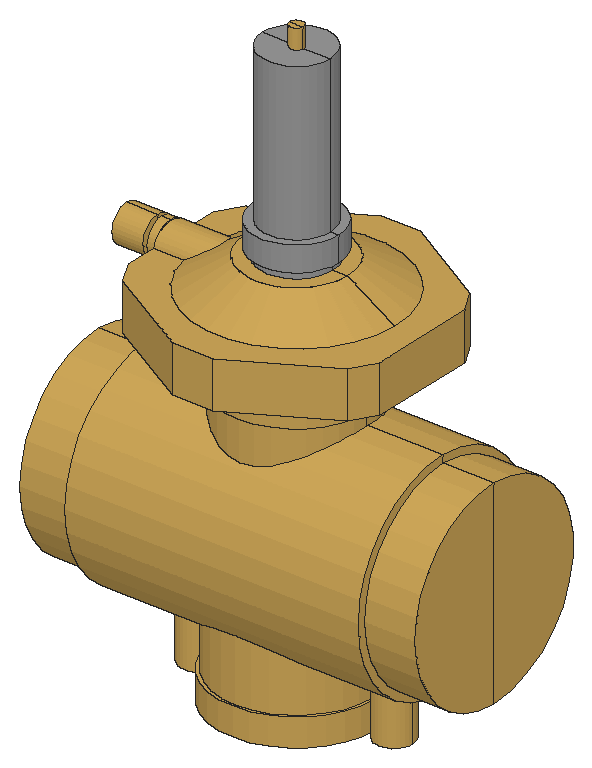
Revit family "Differenzdruckregler 4002 45-80kPa", category Rohrzubehör, Revit 2021
Family settings
  Bemaßung runder Anschluss = Durchmesser verwenden
  Teiletyp = Unterbricht
  OmniClass-Nummer = 23.65.55.14
  OmniClass-Titel = Valves for Liquid Services
  Arbeitsebenenbasiert = Nein
  Immer vertikal = Ja
  Beim Laden mit Abzugskörper schneiden = Nein
  Gemeinsam genutzt = Nein
Parameters (values of type "Ohne Dämmung")
  y2 [instance] = K14 + K9 + H01  # 72.649 mm
  y1 [instance] = (R03 * 2) + R05  # 140.000 mm
  Vorgabe-Ansicht = 0.000 mm
  PN = 16  # constant formula
  Min. Betriebstemperatur (Frostschutz) = -20 °C  # constant formula
  Max. zulässige Betriebstemperatur bis DN32 = 130 °C  # constant formula
  Max. zulässige Betriebstemperatur DN40 - DN50 = 110 °C  # constant formula
  Max. Differenzdruck am Gehäuse = 400000.0 Pa  # constant formula
  Max. Betriebsdruck = 1600000.0 Pa  # constant formula
  Ventilschaft = "Edelstahl 14301"  # constant formula
  VRL01 [instance] = 30.000 mm  # constant formula
  V12 = 17.000 mm  # constant formula
  V10 = 16.000 mm  # constant formula
  V09 [instance] = L06 + 4.000 mm  # 11.000 mm
  V08 [instance] = G01 + 3.000 mm  # 38.000 mm
  V03 [instance] = G01 + 5.000 mm  # 40.000 mm
  V02 [instance] = V01 + 4.500 mm  # 29.500 mm
  V01 [instance] = Nennweite / 2  # 25.000 mm
  URL = "www.herz-armaturen.at"
  SCRNSEQ = "ARM;ARM_TYP=\"DIFR\";2"
  SCRNCODE = "05;03;4"  # constant formula
  S07 = 10.000 mm  # constant formula
  S06 [instance] = 1.000 mm  # constant formula
  S05 [instance] = S01 - 1.000 mm  # 25.000 mm
  S04 [instance] = S02 - 1.000 mm  # 27.000 mm
  S03 [instance] = size_lookup("4002 45-80kPa", "S03", 26.500 mm, Nennweite)  # 37.700 mm
  S02 [instance] = size_lookup("4002 45-80kPa", "S02", 19.000 mm, Nennweite)  # 28.000 mm
  S01 [instance] = size_lookup("4002 45-80kPa", "S01", 14.850 mm, Nennweite)  # 26.000 mm
  Regleranschlussmutter = "Messing CW614N"  # constant formula
  Regelbereich = "45 - 80kPa"  # constant formula
  R06 [instance] = size_lookup("4002 45-80kPa", "R06", 14.500 mm, Nennweite)  # 14.500 mm
  R05 [instance] = size_lookup("4002 45-80kPa", "R05", 41.000 mm, Nennweite)  # 104.000 mm
  R04 [instance] = size_lookup("4002 45-80kPa", "R04", 12.500 mm, Nennweite)  # 14.500 mm
  R03 [instance] = size_lookup("4002 45-80kPa", "R03", 8.000 mm, Nennweite)  # 18.000 mm
  R02 = 14.500 mm  # constant formula
  R01 [instance] = size_lookup("4002 45-80kPa", "R01", 11.500 mm, Nennweite)  # 37.600 mm
  Min. Betriebstemperatur (reines Wasser) = 2 °C  # constant formula
  O-Ringe = "EPDM"  # constant formula
  Nennweite [instance] = 50.000 mm
  Membrangehäuse = "Messing CW602N"  # constant formula
  Membrane = "EPDM"  # constant formula
  Medium = "Wasserbeschaffenheit nach ÖNORM H 5195 und VDI 2035\r\nDie Verwendung von Ethylen- und Propylenglykol ist im\r\nMischungsverhältnis 25 - 50 Vol.-% zulässig."
  L07 [instance] = size_lookup("4002 45-80kPa", "L07", 28.500 mm, Nennweite)  # 70.000 mm
  L06 = 7.000 mm  # constant formula
  L [instance] = size_lookup("4002 45-80kPa", "L", 66.000 mm, Nennweite)  # 140.000 mm
  K9 = 4.000 mm  # constant formula
  K8 = 55.000 mm  # constant formula
  K7 = 8.700 mm  # constant formula
  K6 = 11.700 mm  # constant formula
  K5 = 13.000 mm  # constant formula
  K4 = 12.000 mm  # constant formula
  K3 = 15.000 mm  # constant formula
  K2 = 2.350 mm  # constant formula
  K18 = 89.000 mm  # constant formula
  K17 = 66.700 mm  # constant formula
  K16 = 3.000 mm  # constant formula
  K15 = 26.649 mm  # constant formula
  K14 = 16.649 mm  # constant formula
  K13 = 16.649 mm  # constant formula
  K12 = 10.000 mm  # constant formula
  K11 = 35.000 mm  # constant formula
  K10 = 18.250 mm  # constant formula
  K1.1 = 2.350 mm  # constant formula
  K1 = 7.301 mm - 0.650 mm  # 6.651 mm
  J9 = 15.700 mm  # constant formula
  J8 = 7.850 mm  # constant formula
  J7 = 15.897 mm  # constant formula
  J6 = 3.900 mm  # constant formula
  J5 = 6.500 mm  # constant formula
  J4 = 1.500 mm  # constant formula
  J3 = 3.200 mm  # constant formula
  J2 = 11.000 mm  # constant formula
  J11 = 3.500 mm  # constant formula
  J10 = 18.897 mm  # constant formula
  J1 = 6.500 mm  # constant formula
  Hersteller = "HERZ-Armaturen Ges.m.b.H"  # constant formula
  H2 [instance] = size_lookup("4002 45-80kPa", "H2", 28.000 mm, Nennweite)  # 58.000 mm
  H1 [instance] = K1 + K2 + K3 + K4 + K5 + K7 + K8 + K16 + 16.650 mm  # 132.351 mm
  H04 = 4.000 mm  # constant formula
  H03 = 9.800 mm  # constant formula
  H02 [instance] = size_lookup("4002 45-80kPa", "H02", 53.000 mm, Nennweite)  # 107.000 mm
  H01 [instance] = size_lookup("4002 45-80kPa", "H01", 25.000 mm, Nennweite)  # 52.000 mm
  Gehäuse = "DZR Messing CC770S"  # constant formula
  G01 [instance] = size_lookup("4002 45-80kPa", "G01", 13.220 mm, Nennweite)  # 35.000 mm
  Einstellspindel = "Messing CW614N"  # constant formula
  Hinweise zum Material = "Gemäß Art 33 der REACH-Verordnung (EG Nr. 1907/2006) sind wir verpflichtet, darauf hinzuweisen,\r\ndass der Stoff Blei auf der SVHC-Liste geführt wird und dass alle aus Messing bestehenden Bauteile,\r\ndie in unseren Erzeugnissen verarbeitet sind, mehr als 0,1 % (w/w) Blei (CAS: 7439-92-1 / EINECS:\r\n231-100-4) enthalten. Da Blei als Legierungsbestandteil fest gebunden ist, sind keine Expositionen zu\r\nerwarten und daher sind keine zusätzlichen Angaben zur sicheren Verwendung notwendig.\r\n\r\nIm Hanf enthaltenes Ammoniak schädigt\r\nMessingventilgehäuse, EPDM Dichtungen werden durch\r\nMineralöle bzw. mineralölhaltige Schmierstoffe aufgequollen\r\nund führen somit zum Ausfall der EPDM-Dichtungen. Für\r\nFrost- und Korrosionsschutzmittel auf der Basis von Ethylen- und Propylenglykol sind die entsprechenden\r\nAngaben den Unterlagen des Herstellers zu entnehmen."
  Dämmung = no
  Dämmschale = "EPP (expandiertes Polypropylen)"  # constant formula
  Druckfeder = "Federstahl 14310 NS"  # constant formula
  DN50 [instance] = Nennweite = 50.000 mm  # yes
  DN40 [instance] = Nennweite = 40.000 mm  # no
  DN32-40 [instance] = or(Nennweite = 32.000 mm, Nennweite = 40.000 mm)  # no
  DN32 [instance] = Nennweite = 32.000 mm  # no
  DN25 [instance] = Nennweite = 25.000 mm  # no
  DN20 [instance] = Nennweite = 20.000 mm  # no
  DN15-25 [instance] = or(Nennweite = 15.000 mm, Nennweite = 20.000 mm, Nennweite = 25.000 mm)  # no
  DN15,20,25,32,50 [instance] = or(Nennweite = 15.000 mm, Nennweite = 20.000 mm, Nennweite = 25.000 mm, Nennweite = 32.000 mm, Nennweite = 50.000 mm)  # yes
  DN15 [instance] = Nennweite = 15.000 mm  # no
  D07 [instance] = if(Nennweite = 15.000 mm, 32.000 mm, if(Nennweite = 20.000 mm, 33.000 mm, if(Nennweite = 25.000 mm, 33.000 mm, if(Nennweite = 32.000 mm, 49.000 mm, if(Nennweite = 40.000 mm, 57.560 mm, if(Nennweite = 50.000 mm, 57.560 mm, 0.000 mm))))))  # 57.560 mm
  D06 [instance] = if(Nennweite = 15.000 mm, 32.000 mm, if(Nennweite = 20.000 mm, 33.000 mm, if(Nennweite = 25.000 mm, 33.000 mm, if(Nennweite = 32.000 mm, 49.000 mm, if(Nennweite = 40.000 mm, 57.560 mm, if(Nennweite = 50.000 mm, 57.560 mm, 0.000 mm))))))  # 57.560 mm
  D05 [instance] = if(Nennweite = 15.000 mm, 36.750 mm, if(Nennweite = 20.000 mm, 40.700 mm, if(Nennweite = 25.000 mm, 49.200 mm, if(Nennweite = 32.000 mm, 54.150 mm, if(Nennweite = 40.000 mm, 60.750 mm, if(Nennweite = 50.000 mm, 72.700 mm, 0.000 mm))))))  # 72.700 mm
  D04 [instance] = if(Nennweite = 15.000 mm, 78.500 mm, if(Nennweite = 20.000 mm, 82.000 mm, if(Nennweite = 25.000 mm, 84.000 mm, if(Nennweite = 32.000 mm, 120.000 mm, if(Nennweite = 40.000 mm, 130.000 mm, if(Nennweite = 50.000 mm, 130.500 mm, 0.000 mm))))))  # 130.500 mm
  D03 [instance] = if(Nennweite = 15.000 mm, 96.000 mm, if(Nennweite = 20.000 mm, 110.000 mm, if(Nennweite = 25.000 mm, 112.000 mm, if(Nennweite = 32.000 mm, 152.000 mm, if(Nennweite = 40.000 mm, 170.000 mm, if(Nennweite = 50.000 mm, 179.000 mm, 0.000 mm))))))  # 179.000 mm
  D02 [instance] = size_lookup("4002 45-80kPa", "R05", 41.000 mm, Nennweite)  # 104.000 mm
  D01 [instance] = size_lookup("4002 45-80kPa", "G01", 13.220 mm, Nennweite)  # 35.000 mm
  Bestellnummer Dämmung [instance] = if(and(Dämmung, Nennweite = 15.000 mm), 1409611, if(and(Dämmung, Nennweite = 20.000 mm), 1409612, if(and(Dämmung, Nennweite = 25.000 mm), 1409613, if(and(Dämmung, Nennweite = 32.000 mm), 1409614, if(and(Dämmung, Nennweite = 40.000 mm), 1409615, if(and(Dämmung, Nennweite = 50.000 mm), 1409616, 0))))))  # 0
  Bestellnummer [instance] = size_lookup("4002 45-80kPa", "Artnr", 0, Nennweite)  # 1400276
  B2 [instance] = size_lookup("4002 45-80kPa", "B2", 31.000 mm, Nennweite)  # 41.000 mm
  B1 [instance] = size_lookup("4002 45-80kPa", "B1", 26.000 mm, Nennweite)  # 41.000 mm
  B04 = 100.649 mm  # constant formula
  B03 = 44.500 mm  # constant formula
  B02 = 104.688 mm  # constant formula
  B01 = 10.000 mm  # constant formula
  Anzeigehülse = "Kunststoff (Rot)"  # constant formula
  Anwendungsgebiet = "Der Differenzdruckregler ist ein Regler mit linearer Kennlinie in Geradsitzausführung und arbeitet ohne\r\nHilfsenergie. Der gewünschte Differenzdruck-Sollwert kann zwischen 5 und 30 kPa; 25 und 60 kPa bzw.\r\n45 und 80 kPa stufenlos eingestellt werden. Der eingestellte Wert ist mit Hilfe des Einstelldiagrammes\r\nablesbar. Werksseitig ist der Sollwert auf Minimum eingestellt. Der erforderliche Sollwert wird mit dem\r\nEinstellwerkzeug (1 4006 02) eingestellt. Im Lieferumfang enthalten ist die Impulsleitung (1000 mm),\r\ndiese ist im Vorlauf einzubinden."
  Anschlussnippel = "Messing CW602N"  # constant formula
Types (2, lengths in mm): name | y1 | V08 | V03 | V02 | V01 | S03 | R05 | R03 | R01 | Nennweite | L07 | L | G01 | Dämmung | DN50 | DN40 | DN32-40 | DN15,20,25,32,50 | D05 | D04 | D03 | D02 | D01 | Bestellnummer Dämmung | Bestellnummer
  Ohne Dämmung | 140.000 | 38.000 | 40.000 | 29.500 | 25.000 | 37.700 | 104.000 | 18.000 | 37.600 | 50.000 | 70.000 | 140.000 | 35.000 | no | yes | no | no | yes | 72.700 | 130.500 | 179.000 | 104.000 | 35.000 | 0 | 1400276
  Mit Dämmung | 132.000 | 29.873 | 31.873 | 24.500 | 20.000 | 38.700 | 100.000 | 16.000 | 38.700 | 40.000 | 66.000 | 132.000 | 26.873 | yes | no | yes | yes | no | 60.750 | 130.000 | 170.000 | 100.000 | 26.873 | 1409615 | 1400275
Reference planes
  plane 1 "Mitte (Vorne/hinten)": y = 0
  plane 2: z = 0
  plane 3 "Mitte (Links/rechts)": x = 0
Forms (mm)
  Revolve 1, solid, material "Messing, weicher Gelbton, geschweißt", detail levels fine
    sketch origin (0, 0, 0) x (1, 0, 0) y (0, 0, 1)
      loop
        line (-70, 0) -> (70, 0) -> (70, 35) -> (52, 35) -> (52, 37.6) -> (-52, 37.6) -> (-52, 35) -> (-70, 35) -> (-70, 0)
      axis (-70, 0) -> (70, 0)
    angle from 0 to 360
  Revolve 2, solid, material "Messing, weicher Gelbton, geschweißt", detail levels fine
    sketch origin (0, 0, 0) x (1, 0, 0) y (0, 0, 1)
      loop
        line (0, -58) -> (0, 0) -> (-27, 0) -> (-27, -48.2) -> (-28, -48.2) -> (-28, -58) -> (0, -58)
      axis (0, 0) -> (0, -58)
    angle from 0 to 360
  Extrusion 3, solid, material "Messing, weicher Gelbton, geschweißt", detail levels fine
    sketch origin (0, 0, 0) x (0, -1, 0) y (1, 0, 0)
      loop
        line (-46, -7.038) -> (-27.114, -39.75) -> (-18.886, -44.5) -> (18.886, -44.5) -> (27.114, -39.75) -> (46, -7.038) -> (46, 7.038) -> (27.114, 39.75) -> (18.886, 44.5) -> (-18.886, 44.5) -> (-27.114, 39.75) -> (-46, 7.038) -> (-46, -7.038)
    from 56 to 72.649
  Revolve 4, solid, material "Messing, weicher Gelbton, geschweißt", detail levels fine
    sketch origin (0, 0, -7.051) x (1, 0, 0) y (0, 0, 1)
      loop
        line (0, 79.7) -> (0, 89.7) -> (-18.25, 89.7) -> (-35, 79.7) -> (0, 79.7)
      axis (0, 89.7) -> (0, 79.7)
    angle from 0 to 360
  Revolve 5, solid, material "Messing, weicher Gelbton, geschweißt", visible <- "DN15-25", detail levels fine
    sketch origin (-11, 0, 0) x (1, 0, 0) y (0, 1, 0)
      loop
        line (-3.5, 41) -> (-11.2, 41) -> (-11.2, 0) -> (-3.5, 0) -> (-3.5, 41)
      axis (-3.5, 0) -> (-3.5, 41)
    angle from 0 to 360
  Revolve 6, solid, material "Messing, weicher Gelbton, geschweißt", visible <- "DN15,20,25,32,50", detail levels fine
    sketch origin (-0.988, 0, -6.853) x (-1, 0, 0) y (0, 0, 1)
      loop
        line (43.5, 78.75) -> (59.2, 78.75) -> (59.2, 85.25) -> (48.2, 85.25) -> (48.2, 82.65) -> (46.7, 82.65) -> (46.7, 85.25) -> (43.5, 85.25) -> (43.5, 78.75)
      axis (43.5, 78.75) -> (59.2, 78.75)
    angle from 0 to 360
  Extrusion 7, solid, material "Messing, weicher Gelbton, geschweißt", visible <- "DN15,20,25,32,50", detail levels fine
    sketch origin (0, 0, 0) x (0, 1, 0) y (0, 0, -1)
      loop
        line (7.85, -70.547) -> (7.85, -59.5) -> (-7.85, -59.5) -> (-7.85, -70.547)
        arc (-7.85, -70.547) -> (0, -78.397) -> (7.85, -70.547) r 7.85
    from 0 to 44.5
  Revolve 8, solid, material "Kunststoff rot", detail levels fine
    sketch origin (0, 0, 0) x (1, 0, 0) y (0, 0, 1)
      loop
        line (-12, 149.349) -> (-12, 94.349) -> (-15, 94.349) -> (-15, 85.649) -> (-13, 85.649) -> (-13, 82.649) -> (0, 82.649) -> (0, 149.349) -> (-12, 149.349)
      axis (0, 149.349) -> (0, 82.649)
    angle from 0 to 360
  Revolve 9, solid, material "Messing, weicher Gelbton, geschweißt", visible <- "DN15-25", detail levels fine
    sketch origin (-2, 0, 0) x (1, 0, 0) y (0, 1, 0)
      loop
        line (-12.5, 0) -> (-21.5, 0) -> (-21.5, -41) -> (-12.5, -41) -> (-12.5, 0)
      axis (-12.5, 0) -> (-12.5, -41)
    angle from 0 to 360
  Revolve 10, solid, material "Messing, weicher Gelbton, geschweißt", visible <- "DN15-25", detail levels fine
    sketch origin (2, 0, 0) x (1, 0, 0) y (0, 1, 0)
      loop
        line (12.5, 0) -> (12.5, -41) -> (21.6, -41) -> (21.6, 0) -> (12.5, 0)
      axis (12.5, 0) -> (12.5, -41)
    angle from 0 to 360
  Extrusion 11, solid, material "Messing, weicher Gelbton, geschweißt", visible <- "DN32", detail levels fine
    sketch origin (-31.5, 0, 0) x (1, 0, 0) y (0, 1, 0)
      loop
        circle (63, 0) r 6.578
      loop
        circle (63, 0) r 3.28
    from -47 to 0
  Extrusion 12, solid, material "Messing, weicher Gelbton, geschweißt", visible <- "DN32", detail levels fine
    sketch origin (31.5, 0, 0) x (-1, 0, 0) y (0, -1, 0)
      loop
        circle (63, 0) r 6.578
      loop
        circle (63, 0) r 3.28
    from -47 to 0
  Revolve 13, solid, material "Messing, weicher Gelbton, geschweißt", detail levels fine
    sketch origin (0, 0, 0) x (1, 0, 0) y (0, 0, 1)
      loop
        line (-25, 0) -> (0, 0) -> (0, 56) -> (-21, 56) -> (-21, 52) -> (-26, 52) -> (-26, 42.2) -> (-25, 42.2) -> (-25, 0)
      axis (0, 56) -> (0, 0)
    angle from 0 to 360
  Extrusion 14, solid, material "Messing, weicher Gelbton, geschweißt", visible <- "DN40", detail levels fine
    sketch origin (29.382, 0, 0) x (-1, 0, 0) y (0, -1, 0)
      loop
        circle (63, 0) r 6.578
      loop
        circle (63, 0) r 3.28
    from -58 to 0
  Extrusion 15, solid, material "Messing, weicher Gelbton, geschweißt", visible <- "DN40", detail levels fine
    sketch origin (-29.455, 0, 0) x (1, 0, 0) y (0, 1, 0)
      loop
        circle (63, 0) r 6.578
      loop
        circle (63, 0) r 3.28
    from -58 to 0
  Extrusion 16, solid, material "Messing, weicher Gelbton, geschweißt", visible <- "DN50", detail levels fine
    sketch origin (28.422, 0, 0) x (-1, 0, 0) y (0, -1, 0)
      loop
        circle (63, 0) r 6.578
      loop
        circle (63, 0) r 3.28
    from -58 to 0
  Extrusion 17, solid, material "Messing, weicher Gelbton, geschweißt", visible <- "DN50", detail levels fine
    sketch origin (-28.422, 0, 0) x (1, 0, 0) y (0, 1, 0)
      loop
        circle (63, 0) r 6.578
      loop
        circle (63, 0) r 3.28
    from -58 to 0
  Revolve 18, solid, material "Messing, weicher Gelbton, geschweißt", detail levels fine
    sketch origin (0, 0, 0) x (1, 0, 0) y (0, 0, 1)
      loop
        line (-2.35, 148.349) -> (0, 148.349) -> (0, 156) -> (-2.35, 156) -> (-2.35, 148.349)
      axis (0, 156) -> (0, 148.349)
    angle from 0 to 360
  Revolve 19, solid, material "Messing, weicher Gelbton, geschweißt", visible <- "DN32-40", detail levels fine
    sketch origin (-11, 0, 0) x (1, 0, 0) y (0, 1, 0)
      loop
        line (-3.5, -41) -> (-3.5, 0) -> (-11.2, 0) -> (-11.2, -41) -> (-3.5, -41)
      axis (-3.5, 0) -> (-3.5, -41)
    angle from 0 to 360
  Extrusion 20, solid, material "Messing, weicher Gelbton, geschweißt", visible <- "DN40", detail levels fine
    sketch origin (0, 0, 0) x (0, 1, 0) y (0, 0, 1)
      loop
        arc (7.85, 74.047) -> (0, 81.897) -> (-7.85, 74.047) r 7.85
        line (-7.85, 74.047) -> (-7.85, 63) -> (7.85, 63) -> (7.85, 74.047)
    from 0 to 44.5
  Revolve 21, solid, material "Messing, weicher Gelbton, geschweißt", visible <- "DN40", detail levels fine
    sketch origin (0.988, 0, -6.853) x (1, 0, 0) y (0, 0, 1)
      loop
        line (43.5, 82.25) -> (59.2, 82.25) -> (59.2, 88.75) -> (48.2, 88.75) -> (48.2, 86.15) -> (46.7, 86.15) -> (46.7, 88.75) -> (43.5, 88.75) -> (43.5, 82.25)
      axis (43.5, 82.25) -> (59.2, 82.25)
    angle from 0 to 360
  Revolve 22, solid, material "Messing, weicher Gelbton, geschweißt", not visible, detail levels fine
    sketch origin (11.3, 0, 0) x (-1, 0, 0) y (0, 0, 1)
      loop
        line (81.3, 0) -> (111.3, 0) -> (111.3, 25) -> (94.3, 25) -> (94.3, 29.5) -> (85.3, 29.5) -> (85.3, 40) -> (78.3, 40) -> (78.3, 38) -> (63.3, 38) -> (63.3, 35) -> (81.3, 35) -> (81.3, 0)
      axis (63.3, 0) -> (111.3, 0)
    angle from 0 to 360
  Revolve 23, solid, material "Messing, weicher Gelbton, geschweißt", not visible, detail levels fine
    sketch origin (-1.172, 0, 0) x (1, 0, 0) y (0, 0, 1)
      loop
        line (71.172, 0) -> (101.172, 0) -> (101.172, 25) -> (84.172, 25) -> (84.172, 29.5) -> (75.172, 29.5) -> (75.172, 40) -> (68.172, 40) -> (68.172, 38) -> (53.172, 38) -> (53.172, 35) -> (71.172, 35) -> (71.172, 0)
      axis (53.172, 0) -> (101.172, 0)
    angle from 0 to 360
  Revolve 24, solid, material "Kunststoff-Anthrazit/Schwarz", visible <- "Dämmung"
    sketch origin (0, 0, 0) x (1, 0, 0) y (0, 0, 1)
      loop
        line (89.5, 57.56) -> (-89.5, 57.56) -> (-89.5, 35) -> (-52, 35) -> (-52, 0) -> (0, 0) -> (52, 0) -> (52, 35) -> (89.5, 35) -> (89.5, 57.56)
      axis (-89.5, 0) -> (89.5, 0)
    angle from 0 to 360
  Revolve 25, solid, material "Kunststoff-Anthrazit/Schwarz", visible <- "Dämmung"
    sketch origin (0, 0, 0) x (1, 0, 0) y (0, 0, 1)
      loop
        line (0, -72.94) -> (72.7, -72.94) -> (72.7, 57.56) -> (0, 57.56) -> (0, -72.94)
      axis (0, 57.56) -> (0, -72.94)
    angle from 0 to 360
  Extrusion 26, void
    sketch origin (-454.601, -120, 0) x (1, 0, 0) y (0, 1, 0)
      loop
        line (261.224, -34.207) -> (644.601, -34.207) -> (644.601, 270) -> (261.224, 270) -> (261.224, -34.207)
    from 56 to 72.649
  Extrusion 27, void
    sketch origin (-432.01, -65, 0) x (1, 0, 0) y (0, 1, 0)
      loop
        line (339.195, -19.781) -> (522.867, -19.781) -> (522.867, 150) -> (339.195, 150) -> (339.195, -19.781)
    from 56 to 72.649
Cuts and joins
  Extrusion 26 cuts Revolve 24
  Extrusion 27 cuts Revolve 25
Lines and regions (mm)
  model lines, detail levels coarse+medium
    curve 1: line (70, -35, 0) -> (70, 35, 0)
    curve 2: line (70, 35, 0) -> (-70, -35, 0)
    curve 3: line (-70, -35, 0) -> (-70, 35, 0)
    curve 4: line (-70, 35, 0) -> (70, -35, 0)
    curve 5: line (0, -42, 0) -> (0, -56, 0)
    curve 6: spline (-44.5, -64.324, 0) -> (-42.984, -62.17, 0) -> (-38.538, -60.162, 0) -> (-31.466, -58.438, 0) -> (-22.25, -57.115, 0) -> (-11.517, -56.284, 0) -> (0, -56, 0) -> (11.517, -56.284, 0) -> (22.25, -57.115, 0) -> (31.466, -58.438, 0) -> (38.538, -60.162, 0) -> (42.984, -62.17, 0) -> (44.5, -64.325, 0) -> (42.984, -66.479, 0) -> (38.538, -68.487, 0) -> (31.466, -70.211, 0) -> (22.25, -71.534, 0) -> (11.517, -72.365, 0) -> (0, -72.649, 0) -> (-11.517, -72.365, 0) -> (-22.25, -71.534, 0) -> (-31.466, -70.211, 0) -> (-38.538, -68.487, 0) -> (-42.984, -66.479, 0) -> (-44.5, -64.324, 0)
    curve 7: line (-70, 0, 35) -> (-70, 0, -35)
    curve 8: line (-70, 0, -35) -> (70, 0, 35)
    curve 9: line (70, 0, 35) -> (70, 0, -35)
    curve 10: line (70, 0, -35) -> (-70, 0, 35)
    curve 11: line (0, 0, 42.2) -> (0, 0, 56)
    curve 12: spline (-44.5, 0, 64.325) -> (-42.984, 0, 66.479) -> (-38.538, 0, 68.487) -> (-31.466, 0, 70.211) -> (-22.25, 0, 71.534) -> (-11.517, 0, 72.365) -> (0, 0, 72.649) -> (11.517, 0, 72.365) -> (22.25, 0, 71.534) -> (31.466, 0, 70.211) -> (38.538, 0, 68.487) -> (42.984, 0, 66.479) -> (44.5, 0, 64.324) -> (42.984, 0, 62.17) -> (38.538, 0, 60.162) -> (31.466, 0, 58.438) -> (22.25, 0, 57.115) -> (11.517, 0, 56.284) -> (0, 0, 56) -> (-11.517, 0, 56.284) -> (-22.25, 0, 57.115) -> (-31.466, 0, 58.438) -> (-38.538, 0, 60.162) -> (-42.984, 0, 62.17) -> (-44.5, 0, 64.325)
    curve 13: line (0, 0, 42.2) -> (35, 0, 17.5)
    curve 14: line (70, 0, 0) -> (80.504, 0, 0)
    curve 15: line (0, -42, 0) -> (-18.2, -9.1, 0)
    curve 16: line (0, -42, 0) -> (18.2, -9.1, 0)
    curve 17: line (70, 0, -35) -> (80, 0, -35)
    curve 18: line (-35, 0, 17.5) -> (0, 0, 42.2)
    curve 19: line (70, 35, 0) -> (80, 35, 0)
    curve 20: line (80, 35, 0) -> (70, 0, 0)
    curve 21: line (70, -35, 0) -> (80, -35, 0)
    curve 22: line (80, -35, 0) -> (70, 0, 0)
    curve 23: line (-70, 35, 0) -> (-80, 35, 0)
    curve 24: line (-80, 35, 0) -> (-70, 0, 0)
    curve 25: line (-70, -35, 0) -> (-80, -35, 0)
    curve 26: line (-80, -35, 0) -> (-70, 0, 0)
    curve 27: line (-70, 0, 35) -> (-80, 0, 35)
    curve 28: line (-80, 0, 35) -> (-70, 0, 0)
    curve 29: line (-70, 0, -35) -> (-80, 0, -35)
    curve 30: line (-80, 0, -35) -> (-70, 0, 0)
    curve 31: line (70, 0, 35) -> (70, 0, -35)
    curve 32: line (70, 0, 35) -> (80, 0, 35)
    curve 33: line (80, 0, 35) -> (70, 0, 0)
    curve 34: line (70, 0, -35) -> (80, 0, -35)
    curve 35: line (80, 0, -35) -> (70, 0, 0)
Dimensions and locks
  "G01": Revolve 1 sketch curve to Revolve 1 sketch curve  (x2)
  "R01": Revolve 1 sketch curve to Revolve 1 sketch curve
  "R03": Revolve 1 sketch curve to Revolve 1 sketch curve  (x2)
  "K10": Revolve 4 sketch curve to Revolve 4 sketch curve
  "K11": Revolve 4 sketch curve to Revolve 4 sketch curve
  "B1": Revolve 5 sketch curve to Revolve 5 sketch curve
  "J1": Revolve 6 sketch curve to Revolve 6 sketch curve
  "J3": Revolve 6 sketch curve to Revolve 6 sketch curve
  "J4": Revolve 6 sketch curve to Revolve 6 sketch curve
  "J2": Revolve 6 sketch curve to Revolve 6 sketch curve
  "J5": Revolve 6 sketch curve to Revolve 6 sketch curve
  "J6": Revolve 6 sketch curve to Revolve 6 sketch curve
  "H2": plane 2 to Revolve 2 sketch curve
  "S02": plane 3 "Mitte (Links/rechts)" to Revolve 2 sketch curve
  "B02": Revolve 6 to Extrusion 3
  "B03": Extrusion 3 to plane 3 "Mitte (Links/rechts)"
  "R04": Revolve 5 sketch curve to plane 3 "Mitte (Links/rechts)"
  "K4": Revolve 8 sketch curve to Revolve 8 sketch curve
  "K3": Revolve 8 sketch curve to Revolve 8 sketch curve
  "K7": Revolve 8 sketch curve to Revolve 8 sketch curve
  "K5": Revolve 8 sketch curve to Revolve 8 sketch curve
  "K8": Revolve 8 sketch curve to Revolve 8 sketch curve
  "K12": Revolve 4 sketch curve to Revolve 4 sketch curve
  "K13": Revolve 4 sketch curve to Extrusion 3
  "K14": Extrusion 3 to Extrusion 3
  "K16": Revolve 8 sketch curve to Revolve 8 sketch curve
  "K15": Revolve 8 to Extrusion 3
  "R05": Revolve 1 sketch curve to Revolve 1 sketch curve
  plane 3 "Mitte (Links/rechts)" to Revolve 1 sketch curve = 70.000 mm
  Revolve 1 sketch curve to plane 3 "Mitte (Links/rechts)" = 70.000 mm
  equal spacing: Revolve 1 sketch curve, plane 3 "Mitte (Links/rechts)", Revolve 1 sketch curve
  "B2": plane 1 "Mitte (Vorne/hinten)" to Revolve 9 sketch curve
  "B2": Revolve 10 sketch curve to plane 1 "Mitte (Vorne/hinten)"
  "R06": Revolve 9 sketch curve to plane 3 "Mitte (Links/rechts)"
  "R06": plane 3 "Mitte (Links/rechts)" to Revolve 10 sketch curve
  "S01": Revolve 13 sketch curve to plane 3 "Mitte (Links/rechts)"
  "S05": plane 3 "Mitte (Links/rechts)" to Revolve 13 sketch curve
  "H04": Revolve 13 sketch curve to Revolve 13 sketch curve
  "H03": Revolve 13 sketch curve to Revolve 13 sketch curve
  "H01": Revolve 13 sketch curve to plane 2
  "K9": Extrusion 3 to Revolve 13
  "S06": Revolve 2 sketch curve to Revolve 2 sketch curve
  "J7": Revolve 6 sketch curve to Extrusion 3
  "J9": Extrusion 7 sketch curve to Extrusion 7 sketch curve
  "J10": Revolve 6 to Extrusion 7 sketch curve
  "J11": Extrusion 7 sketch curve to Extrusion 3
  Revolve 22 to curve 16 to Revolve 23 = 70.000 mm, 70.000 mm
  "K18": Extrusion 3 to Extrusion 3
  "G01": curve 10 to plane 2
  "G01": plane 2 to curve 8
  "G01": curve 9 to plane 2
  "G01": plane 2 to curve 10
  "K18": curve 12 to curve 12
  "y1": curve 7 to curve 9
  "K14": curve 12 to curve 12
  "y2": curve 12 to plane 2
  "G01": plane 1 "Mitte (Vorne/hinten)" to curve 4
  "G01": curve 3 to plane 1 "Mitte (Vorne/hinten)"
  equal spacing: curve 3, curve 12, curve 1
  equal spacing: curve 3, curve 16, curve 1
  "y1": curve 3 to curve 1
  "G01": plane 1 "Mitte (Vorne/hinten)" to curve 2
  "G01": curve 4 to plane 1 "Mitte (Vorne/hinten)"
  "K18": curve 6 to curve 6
  "K14": curve 6 to curve 6
  "y2": curve 6 to plane 1 "Mitte (Vorne/hinten)"
  "K1": Revolve 18 sketch curve to Revolve 8
  "K1.1": plane 3 "Mitte (Links/rechts)" to Revolve 18 sketch curve
  "B1": Revolve 19 sketch curve to Revolve 19 sketch curve
  "R04": Revolve 19 sketch curve to plane 3 "Mitte (Links/rechts)"
  Revolve 18 to Revolve 2 = 214.000 mm
  plane 2 to Revolve 2 sketch curve = 48.200 mm
  "J9": Extrusion 20 sketch curve to Extrusion 20 sketch curve
  "J1": Revolve 21 sketch curve to Revolve 21 sketch curve
  "J3": Revolve 21 sketch curve to Revolve 21 sketch curve
  "J4": Revolve 21 sketch curve to Revolve 21 sketch curve
  "J2": Revolve 21 sketch curve to Revolve 21 sketch curve
  "J5": Revolve 21 sketch curve to Revolve 21 sketch curve
  "J6": Revolve 21 sketch curve to Revolve 21 sketch curve
  "R03": Revolve 22 sketch curve to Revolve 22 sketch curve
  "V12": Revolve 22 sketch curve to Revolve 22 sketch curve
  "VRL01": Revolve 22 sketch curve to Revolve 22 sketch curve
  "G01": Revolve 22 sketch curve to plane 2
  "V08": Revolve 22 sketch curve to plane 2
  "V01": Revolve 22 sketch curve to plane 2
  "V02": Revolve 22 sketch curve to plane 2
  "V03": Revolve 22 sketch curve to plane 2
  "R03": Revolve 23 sketch curve to Revolve 23 sketch curve
  "V10": Revolve 23 sketch curve to Revolve 23 sketch curve
  "V12": Revolve 23 sketch curve to Revolve 23 sketch curve
  "VRL01": Revolve 23 sketch curve to Revolve 23 sketch curve
  "G01": Revolve 23 sketch curve to plane 2
  "V08": Revolve 23 sketch curve to plane 2
  "V03": Revolve 23 sketch curve to plane 2
  "V01": Revolve 23 sketch curve to plane 2
  "V02": Revolve 23 sketch curve to plane 2
  "S07": Revolve 1 to curve 17
  equal spacing: Revolve 1, curve 18, curve 18, curve 13, curve 9
  "L07": Revolve 22 to plane 3 "Mitte (Links/rechts)"
  "L07": plane 3 "Mitte (Links/rechts)" to Revolve 23
  "V10": Revolve 22 sketch curve to Revolve 22 sketch curve
  "S07": curve 24 to curve 3
  "S07": curve 26 to curve 3
  "S07": curve 1 to curve 20
  "S07": curve 1 to curve 22
  "S07": curve 28 to curve 7
  "S07": curve 30 to curve 7
  "S07": curve 31 to curve 33
  "S07": curve 31 to curve 35
  "D01": Revolve 24 sketch curve to plane 2  (x2)
  "D03": Revolve 24 sketch curve to Revolve 24 sketch curve
  equal spacing: Revolve 24 sketch curve, plane 3 "Mitte (Links/rechts)", Revolve 24 sketch curve  (x2)
  "D02": Revolve 24 sketch curve to Revolve 24 sketch curve
  "D05": Revolve 25 sketch curve to Revolve 25 sketch curve
  "D04": Revolve 25 sketch curve to Revolve 25 sketch curve
  "D06": Revolve 25 sketch curve to plane 2
  "D07": Revolve 24 sketch curve to plane 2
  "K14": Extrusion 26 to Extrusion 26
  "K14": Extrusion 26 to Extrusion 3
  "K14": Extrusion 27 to Extrusion 27
  "K14": Extrusion 27 to Extrusion 3
  "J8": radius of Extrusion 7 sketch curve
  "J8": radius of Extrusion 20 sketch curve
  aligned and locked: level to plane 2
Automatic sketch dimensions
  plane 3 "Mitte (Links/rechts)" to Extrusion 3 sketch curve = 7.038 mm  (x2)
  Extrusion 3 sketch curve to plane 1 "Mitte (Vorne/hinten)" = 46.000 mm
  Extrusion 3 sketch curve to plane 1 "Mitte (Vorne/hinten)" = 27.114 mm  (x2)
  Extrusion 3 sketch curve to Extrusion 3 sketch curve = 8.227 mm  (x4)
  plane 1 "Mitte (Vorne/hinten)" to Extrusion 3 sketch curve = 18.886 mm  (x2)
  Extrusion 3 sketch curve to Extrusion 3 sketch curve = 18.886 mm
  Extrusion 3 sketch curve to plane 3 "Mitte (Links/rechts)" = 7.038 mm  (x2)
  Extrusion 3 sketch curve to Extrusion 3 sketch curve = 32.712 mm  (x4)
  Extrusion 3 sketch curve to Extrusion 3 sketch curve = 4.750 mm  (x2)
  Extrusion 11 sketch curve to Extrusion 11 sketch curve = 0.000 mm  (x2)
  plane 1 "Mitte (Vorne/hinten)" to Extrusion 11 sketch curve = 0.000 mm
  plane 3 "Mitte (Links/rechts)" to Extrusion 11 sketch curve = 31.500 mm
  Extrusion 12 sketch curve to Extrusion 12 sketch curve = 0.000 mm  (x2)
  plane 1 "Mitte (Vorne/hinten)" to Extrusion 12 sketch curve = 0.000 mm
  plane 3 "Mitte (Links/rechts)" to Extrusion 12 sketch curve = 31.500 mm
  Extrusion 14 sketch curve to Extrusion 14 sketch curve = 0.000 mm  (x2)
  plane 1 "Mitte (Vorne/hinten)" to Extrusion 14 sketch curve = 0.000 mm
  plane 3 "Mitte (Links/rechts)" to Extrusion 14 sketch curve = 33.618 mm
  Extrusion 15 sketch curve to Extrusion 15 sketch curve = 0.000 mm  (x2)
  plane 1 "Mitte (Vorne/hinten)" to Extrusion 15 sketch curve = 0.000 mm
  plane 3 "Mitte (Links/rechts)" to Extrusion 15 sketch curve = 33.545 mm
  Extrusion 16 sketch curve to Extrusion 16 sketch curve = 0.000 mm  (x2)
  plane 1 "Mitte (Vorne/hinten)" to Extrusion 16 sketch curve = 0.000 mm
  plane 3 "Mitte (Links/rechts)" to Extrusion 16 sketch curve = 34.578 mm
  Extrusion 17 sketch curve to Extrusion 17 sketch curve = 0.000 mm  (x2)
  plane 1 "Mitte (Vorne/hinten)" to Extrusion 17 sketch curve = 0.000 mm
  plane 3 "Mitte (Links/rechts)" to Extrusion 17 sketch curve = 34.578 mm
  plane 1 "Mitte (Vorne/hinten)" to Extrusion 26 sketch curve = 154.207 mm
  Extrusion 26 sketch curve to plane 3 "Mitte (Links/rechts)" = 193.377 mm
  Extrusion 26 sketch curve to Extrusion 26 sketch curve = 383.377 mm
  Extrusion 26 sketch curve to plane 1 "Mitte (Vorne/hinten)" = 150.000 mm
  plane 1 "Mitte (Vorne/hinten)" to Extrusion 27 sketch curve = 84.781 mm
  Extrusion 27 sketch curve to plane 1 "Mitte (Vorne/hinten)" = 85.000 mm
  Extrusion 27 sketch curve to plane 3 "Mitte (Links/rechts)" = 92.816 mm
  Extrusion 27 sketch curve to Extrusion 27 sketch curve = 183.673 mm
  curve 30 to level = 0.000 mm
  curve 28 to level = 0.000 mm
  curve 12 to plane 3 "Mitte (Links/rechts)" = 0.000 mm
  curve 11 to plane 3 "Mitte (Links/rechts)" = 0.000 mm
  curve 14 to level = 0.000 mm
  curve 33 to level = 0.000 mm
  curve 35 to level = 0.000 mm
  curve 18 to curve 11 = 13.800 mm
  curve 14 to curve 14 = 10.504 mm
  plane 1 "Mitte (Vorne/hinten)" to curve 24 = 0.000 mm
  plane 1 "Mitte (Vorne/hinten)" to curve 26 = 0.000 mm
  curve 16 to plane 3 "Mitte (Links/rechts)" = 0.000 mm
  curve 6 to plane 3 "Mitte (Links/rechts)" = 0.000 mm
  plane 1 "Mitte (Vorne/hinten)" to curve 20 = 0.000 mm
  plane 1 "Mitte (Vorne/hinten)" to curve 22 = 0.000 mm
  curve 5 to curve 15 = 14.000 mm
  plane 1 "Mitte (Vorne/hinten)" to curve 15 = 9.100 mm
  plane 1 "Mitte (Vorne/hinten)" to curve 16 = 9.100 mm
  Revolve 1 sketch curve to level = 0.000 mm  (x2)
  Revolve 1 sketch curve to Revolve 1 sketch curve = 1473.530 mm
  Revolve 1 sketch curve to Revolve 1 sketch curve = 1806.148 mm
  Revolve 2 sketch curve to level = 0.000 mm
  Revolve 2 sketch curve to plane 3 "Mitte (Links/rechts)" = 0.000 mm  (x2)
  Revolve 2 sketch curve to Revolve 2 sketch curve = 1.000 mm
  Revolve 2 sketch curve to Revolve 2 sketch curve = 9.800 mm
  Revolve 2 sketch curve to Revolve 2 sketch curve = 334.045 mm
  level to Revolve 2 sketch curve = 2218.015 mm
  Revolve 4 sketch curve to plane 3 "Mitte (Links/rechts)" = 0.000 mm  (x2)
  Revolve 4 sketch curve to level = 373.096 mm
  Revolve 4 sketch curve to Revolve 4 sketch curve = 2155.315 mm
  plane 1 "Mitte (Vorne/hinten)" to Revolve 5 sketch curve = 0.000 mm  (x2)
  Revolve 5 sketch curve to Revolve 5 sketch curve = 0.000 mm  (x2)
  Revolve 5 sketch curve to Revolve 5 sketch curve = 7.700 mm
  plane 3 "Mitte (Links/rechts)" to Revolve 6 sketch curve = 44.488 mm
  Revolve 6 sketch curve to Revolve 6 sketch curve = 0.000 mm  (x3)
  Extrusion 7 sketch curve to plane 1 "Mitte (Vorne/hinten)" = 0.000 mm
  Extrusion 7 sketch curve to Extrusion 7 sketch curve = 11.047 mm
  Extrusion 7 sketch curve to Extrusion 7 sketch curve = 0.000 mm
  Revolve 8 sketch curve to plane 3 "Mitte (Links/rechts)" = 0.000 mm  (x2)
  level to Revolve 8 sketch curve = 82.649 mm
  Revolve 8 sketch curve to Revolve 8 sketch curve = 0.000 mm  (x2)
  plane 1 "Mitte (Vorne/hinten)" to Revolve 9 sketch curve = 0.000 mm  (x2)
  Revolve 9 sketch curve to Revolve 9 sketch curve = 9.000 mm
  Revolve 9 sketch curve to Revolve 9 sketch curve = 0.000 mm  (x2)
  plane 1 "Mitte (Vorne/hinten)" to Revolve 10 sketch curve = 0.000 mm  (x2)
  Revolve 10 sketch curve to Revolve 10 sketch curve = 9.100 mm
  Revolve 10 sketch curve to Revolve 10 sketch curve = 0.000 mm  (x2)
  Revolve 13 sketch curve to level = 0.000 mm  (x2)
  Revolve 13 sketch curve to plane 3 "Mitte (Links/rechts)" = 0.000 mm  (x2)
  Revolve 13 sketch curve to Revolve 13 sketch curve = 5.000 mm
  Revolve 13 sketch curve to Revolve 13 sketch curve = 0.000 mm
  Revolve 18 sketch curve to plane 3 "Mitte (Links/rechts)" = 0.000 mm  (x2)
  Revolve 18 sketch curve to Revolve 18 sketch curve = 7.651 mm
  Revolve 18 sketch curve to Revolve 18 sketch curve = 0.000 mm  (x2)
  plane 1 "Mitte (Vorne/hinten)" to Revolve 19 sketch curve = 0.000 mm  (x2)
  Revolve 19 sketch curve to Revolve 19 sketch curve = 7.700 mm
  Revolve 19 sketch curve to Revolve 19 sketch curve = 0.000 mm  (x2)
  Extrusion 20 sketch curve to plane 1 "Mitte (Vorne/hinten)" = 0.000 mm
  level to Extrusion 20 sketch curve = 63.000 mm
  Extrusion 20 sketch curve to Extrusion 20 sketch curve = 11.047 mm
  Extrusion 20 sketch curve to Extrusion 20 sketch curve = 0.000 mm
  plane 3 "Mitte (Links/rechts)" to Revolve 21 sketch curve = 44.488 mm
  level to Revolve 21 sketch curve = 75.397 mm
  Revolve 21 sketch curve to Revolve 21 sketch curve = 0.000 mm  (x3)
  Revolve 22 sketch curve to level = 0.000 mm  (x2)
  plane 3 "Mitte (Links/rechts)" to Revolve 22 sketch curve = 52.000 mm
  Revolve 22 sketch curve to Revolve 22 sketch curve = 4.000 mm
  Revolve 22 sketch curve to Revolve 22 sketch curve = 0.000 mm  (x2)
  Revolve 23 sketch curve to level = 0.000 mm  (x2)
  plane 3 "Mitte (Links/rechts)" to Revolve 23 sketch curve = 52.000 mm
  Revolve 23 sketch curve to Revolve 23 sketch curve = 4.000 mm
  Revolve 23 sketch curve to Revolve 23 sketch curve = 0.000 mm  (x2)
  Revolve 24 sketch curve to level = 0.000 mm  (x2)
  Revolve 24 sketch curve to plane 3 "Mitte (Links/rechts)" = 0.000 mm
  Revolve 24 sketch curve to Revolve 24 sketch curve = 0.000 mm  (x2)
  Revolve 25 sketch curve to plane 3 "Mitte (Links/rechts)" = 0.000 mm  (x2)
  Revolve 25 sketch curve to Revolve 25 sketch curve = 0.000 mm  (x2)
  radius of Extrusion 11 sketch curve = 6.578 mm
  radius of Extrusion 11 sketch curve = 3.280 mm
  radius of Extrusion 12 sketch curve = 6.578 mm
  radius of Extrusion 12 sketch curve = 3.280 mm
  radius of Extrusion 14 sketch curve = 6.578 mm
  radius of Extrusion 14 sketch curve = 3.280 mm
  radius of Extrusion 15 sketch curve = 6.578 mm
  radius of Extrusion 15 sketch curve = 3.280 mm
  radius of Extrusion 16 sketch curve = 6.578 mm
  radius of Extrusion 16 sketch curve = 3.280 mm
  radius of Extrusion 17 sketch curve = 6.578 mm
  radius of Extrusion 17 sketch curve = 3.280 mm
Nested families
  nested 1: "Herz-Logo-vorne" at (-0.018, 17.815, -12.904) x (0, -1, 0) z (0, 0, 1), type "Herz-Logo-vorne", detail levels fine
  nested 2: "Herz-Logo-vorne" at (-0.018, 29.612, 0) x (0, -1, 0) z (0, 0, 1), visible <- "DN32", type "Herz-Logo-vorne", detail levels fine
  nested 3: "Herz-Logo-vorne" at (-0.018, 38.665, 0) x (0, -1, 0) z (0, 0, 1), visible <- "DN40", type "Herz-Logo-vorne", detail levels fine
  nested 4: "Herz-Logo-vorne" at (-0.018, 37.548, 0) x (0, -1, 0) z (0, 0, 1), visible <- "DN50", type "Herz-Logo-vorne", detail levels fine
Connectors
  piping at (-70, 0, 0), diameter 50, driven by "Nennweite"
    settings: on Revolve 1, index 1, connector inside diameter 609.6 mm, connector length 0.000 mm, flow factor 0, pipe flow 0.0 L/s, pressure drop 0.0 Pa, fitting loss kfactor 0, connector angle 0.00°, fixture units 0, engagement length 0.000 mm, angle of deflection 0.00°, flow configuration 0, flow direction 1, fitting loss method 0, system type 7, joint type 0, gender type 0, connector reference index -1, connector utility 0, adjustable connector no, is connector primary yes, connector description ""
  piping at (70, 0, 0), diameter 50, driven by "Nennweite"
    settings: on Revolve 1, index 2, connector inside diameter 609.6 mm, connector length 0.000 mm, flow factor 0, pipe flow 0.0 L/s, pressure drop 0.0 Pa, fitting loss kfactor 0, connector angle 0.00°, fixture units 0, engagement length 0.000 mm, angle of deflection 0.00°, flow configuration 0, flow direction 2, fitting loss method 0, system type 29, joint type 0, gender type 0, connector reference index -1, connector utility 0, adjustable connector no, is connector primary no, connector description ""
Definition of nested family "Herz-Logo-vorne"
  Parameters (values of type "Herz-Logo-vorne")
    Default Elevation = 0.000 mm
  Reference planes
    plane 1 "Mitte (Vorne/hinten)": y = 0
    plane 2: z = 0
    plane 3 "Mitte (Links/rechts)": x = 0
  Forms (mm)
    Extrusion 1, solid
      sketch origin (0.732, -0.018, 0.017) x (0, -1, 0) y (0, 0, 1)
        loop
          line (-0.018, -4.517) -> (4.482, -4.517) -> (4.482, 4.483) -> (-4.518, 4.483) -> (-4.518, -4.517) -> (-0.018, -4.517)
        loop
          line (-0.05, -3.48) -> (3.482, -3.48) -> (3.482, 3.483) -> (-3.518, 3.483) -> (-3.518, -3.48) -> (-0.05, -3.48)
        loop
          arc (-0.018, 2.383) -> (-1.543, 3.287) -> (-3.067, 2.383) r 1.738
          arc (-3.067, 2.383) -> (-3.191, 1.899) -> (-3.067, 1.415) r 1.009
          line (-3.067, 1.415) -> (-0.018, -3.281) -> (3.032, 1.415)
          arc (3.032, 1.415) -> (3.156, 1.899) -> (3.032, 2.383) r 1.009
          arc (3.032, 2.383) -> (1.507, 3.287) -> (-0.018, 2.383) r 1.738
        loop
          arc (1.885, 1.272) -> (2.005, 1.675) -> (1.885, 2.079) r 0.74
          arc (1.885, 2.079) -> (1.265, 2.416) -> (0.644, 2.079) r 0.74
          line (0.644, 2.079) -> (-0.018, 0.97) -> (-0.679, 2.079)
          arc (-0.679, 2.079) -> (-1.3, 2.416) -> (-1.921, 2.079) r 0.74
          arc (-1.921, 2.079) -> (-2.04, 1.675) -> (-1.921, 1.272) r 0.74
          line (-1.921, 1.272) -> (-0.018, -1.658) -> (1.885, 1.272)
      from 0 to 1.5
  Dimensions and locks
    aligned and locked: level to plane 2
